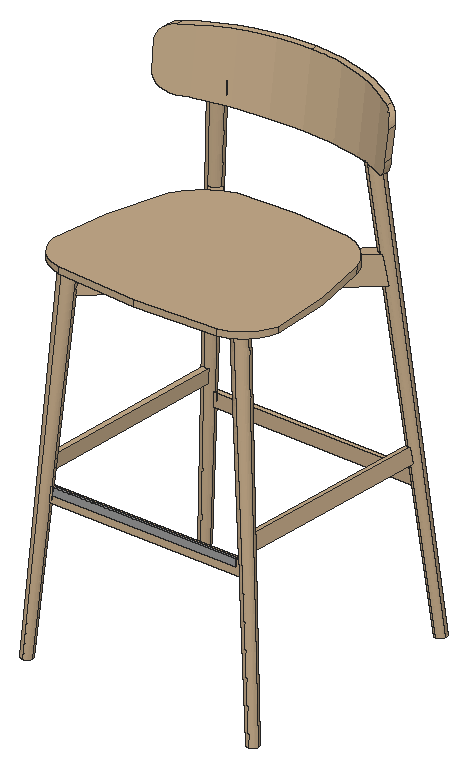
Revit family "FU_Stool_Sandler_Fly 4-2", category Furniture, Revit 2020
Family settings
  OmniClass Number = 23.40.20.00
  OmniClass Title = General Furniture and Specialties
  Work Plane-Based = No
  Always vertical = Yes
  Cut with Voids When Loaded = No
  Shared = No
  Room Calculation Point = No
Parameters (values of type "Fly 4.2")
  Width = 540 mm
  URL = "https://www.sandlerseating.com/product/fly-4-2/"
  Model = "Fly 4.2"
  Manufacturer = "Sandler"
  Height = 1080 mm
  Frame = Wood - Stain - Blonde
  Description = "Counter Stool with a solid beech back and seat on a solid beech frame, fitted with a stainless steel kick-plate on the front footrest."
  Depth = 535 mm
  Default Elevation = 0 mm
Reference planes
  plane 1 "Center (Front/Back)": y = 0
  plane 2: z = 0
  plane 3 "Center (Left/Right)": x = 0
  plane 4 "Right": x = -270
  plane 5 "Left": x = 270
  plane 6 "Back": y = 267.5
  plane 7 "Front": y = -267.5
  plane 8 "Height": z = 1080
  plane 9 "Seat height": z = 770
  plane 10 "FL Angle RIGHT": through (4267.2, -247.189, 3.106) normal (0, -0.9986, 0.0523)
  plane 11 "BL Angle RIGHT": through (4267.2, 253.813, 6.762) normal (0, -0.9968, -0.0796)
  plane 12 "RBL Anglr FRONT": through (-257.943, -1524, 6.867) normal (-0.996, 0, 0.0898)
  plane 13: through (188.37, -1524, 783.473) normal (0.9971, 0, 0.0759)
  plane 14 "cross Angle RIGHT": through (4267.2, -181.288, 717.026) normal (0, 0.0523, 0.9986)
Forms (mm)
  Sweep 1, solid, material "Wood - Stain - Blonde" <- "Frame"
    path origin (0, 0, 0) x (0, 1, 0) y (0, 0, 1)
      loop
        line (211.483, 893.134) -> (239.318, 1091.187)
    profile "Pro_Fly_back : Pro_Fly_back" origin (0, 225.4, 992.16) x (0, -0.990268, 0.139173) y (1, 0, 0)
      loop
        arc (114.642, 268.951) -> (-0.066, 0) -> (114.626, -268.958) r 372.681
        line (114.626, -268.958) -> (123.106, -260.478)
        arc (123.106, -260.478) -> (11.944, 0.039) -> (122.986, 260.608) r 361.047
        line (122.986, 260.608) -> (114.642, 268.951)
  Extrusion 2, void
    sketch origin (0, 0, 0) x (1, 0, 0) y (0, 0, 1)
      loop
        arc (0, 1075.598) -> (-115.054, 1076.734) -> (-230.061, 1080.196) r 5691.244
        arc (-230.061, 1080.196) -> (-248.857, 1073.596) -> (-258.008, 1055.902) r 26.995
        line (-258.008, 1055.902) -> (-255.802, 992.734)
        arc (-255.802, 992.734) -> (-246.214, 965.659) -> (-222.831, 948.98) r 47.759
        arc (-222.831, 948.98) -> (-112.201, 929.22) -> (0, 922.883) r 934.559
        arc (0, 922.883) -> (112.201, 929.22) -> (222.831, 948.98) r 934.559
        arc (222.831, 948.98) -> (246.214, 965.659) -> (255.802, 992.734) r 47.759
        line (255.802, 992.734) -> (258.008, 1055.902)
        arc (258.008, 1055.902) -> (248.857, 1073.596) -> (230.061, 1080.196) r 26.995
        arc (230.061, 1080.196) -> (115.054, 1076.734) -> (0, 1075.598) r 5691.244
      loop
        line (-290.391, 1143.375) -> (-290.391, 868.375) -> (294.609, 868.375) -> (294.609, 1143.375) -> (-290.391, 1143.375)
    from -267.5 to -69.622
  SweptBlend 3, solid, material "Wood - Stain - Blonde" <- "Frame"
    path origin (0, -246.675, 12.928) x (0, -0.052336, -0.99863) y (1, 0, 0)
      loop
        line (21.674, 248.655) -> (-776.014, 187.881)
    profile "Pro_Circles : 24mm" origin (248.655, -247.809, -8.717) x (-0.99711, -0.003976, -0.075863) y (0, -0.99863, 0.052336)
      loop
        arc (-11.967, 0.067) -> (-8.529, -8.434) -> (-0.067, -11.967) r 11.901
        arc (-0.067, -11.967) -> (8.482, -8.482) -> (11.967, 0.067) r 11.901
        arc (11.967, 0.067) -> (8.434, 8.529) -> (-0.067, 11.967) r 11.901
        arc (-0.067, 11.967) -> (-8.481, 8.481) -> (-11.967, 0.067) r 11.9
    end profile "Pro_Circles : 36mm" origin (187.881, -206.061, 787.878) x (-0.99711, -0.003976, -0.075863) y (0, -0.99863, 0.052336)
      loop
        arc (-17.967, 0.067) -> (-12.771, -12.677) -> (-0.066, -17.967) r 17.901
        arc (-0.066, -17.967) -> (12.725, -12.725) -> (17.967, 0.067) r 17.901
        arc (17.967, 0.067) -> (12.677, 12.771) -> (-0.067, 17.967) r 17.9
        arc (-0.067, 17.967) -> (-12.724, 12.724) -> (-17.967, 0.067) r 17.9
  SweptBlend 4, solid, material "Wood - Stain - Blonde" <- "Frame"
    path origin (0, 252.742, 20.172) x (0, 0.079561, -0.99683) y (1, 0, 0)
      loop
        line (29.008, -259.49) -> (-1016.727, -164.946)
    profile "Pro_Circles : 24mm" origin (-259.49, 255.05, -8.743) x (-0.995938, -0.007164, 0.089757) y (0, -0.99683, -0.079561)
      loop
        arc (-11.967, 0.067) -> (-8.529, -8.434) -> (-0.067, -11.967) r 11.901
        arc (-0.067, -11.967) -> (8.482, -8.482) -> (11.967, 0.067) r 11.901
        arc (11.967, 0.067) -> (8.434, 8.529) -> (-0.067, 11.967) r 11.901
        arc (-0.067, 11.967) -> (-8.481, 8.481) -> (-11.967, 0.067) r 11.9
    end profile "Pro_Circles : 36mm" origin (-164.946, 171.85, 1033.677) x (-0.995938, -0.007164, 0.089757) y (0, -0.99683, -0.079561)
      loop
        arc (-17.967, 0.067) -> (-12.771, -12.677) -> (-0.066, -17.967) r 17.901
        arc (-0.066, -17.967) -> (12.725, -12.725) -> (17.967, 0.067) r 17.901
        arc (17.967, 0.067) -> (12.677, 12.771) -> (-0.067, 17.967) r 17.9
        arc (-0.067, 17.967) -> (-12.724, 12.724) -> (-17.967, 0.067) r 17.9
  Sweep 5, void
    path origin (0, 0, 0) x (0, 1, 0) y (0, 0, 1)
      loop
        line (216.668, 929.556) -> (237.194, 1075.598)
    profile "Pro_Fly_back_void : Pro_Fly_back_void" origin (0, 226.931, 1002.577) x (0, -0.990267, 0.13918) y (1, 0, 0)
      loop
        line (60.774, -126.387) -> (32.441, -137.87)
        arc (32.441, -137.87) -> (46.411, -168.621) -> (63.108, -197.982) r 372.681
        line (63.108, -197.982) -> (92.912, -185.903)
        arc (92.912, -185.903) -> (78.429, -155.289) -> (60.774, -126.387) r 318.098
  SweptBlend 6, solid, material "Wood - Stain - Blonde" <- "Frame"
    path origin (0, -246.675, 12.928) x (0, -0.052336, -0.99863) y (-1, 0, 0)
      loop
        line (16.689, 248.275) -> (-776.014, 187.881)
    profile "Pro_Circles : 24mm" origin (-248.275, -247.548, -3.738) x (-0.99711, 0.003976, 0.075863) y (0, -0.99863, 0.052336)
      loop
        arc (11.967, 0.067) -> (8.481, 8.481) -> (0.067, 11.967) r 11.9
        arc (0.067, 11.967) -> (-8.434, 8.529) -> (-11.967, 0.067) r 11.901
        arc (-11.967, 0.067) -> (-8.482, -8.482) -> (0.067, -11.967) r 11.901
        arc (0.067, -11.967) -> (8.529, -8.434) -> (11.967, 0.067) r 11.901
    end profile "Pro_Circles : 36mm" origin (-187.881, -206.061, 787.878) x (-0.99711, 0.003976, 0.075863) y (0, -0.99863, 0.052336)
      loop
        arc (17.967, 0.067) -> (12.724, 12.724) -> (0.067, 17.967) r 17.9
        arc (0.067, 17.967) -> (-12.677, 12.771) -> (-17.967, 0.067) r 17.9
        arc (-17.967, 0.067) -> (-12.725, -12.725) -> (0.066, -17.967) r 17.901
        arc (0.066, -17.967) -> (12.771, -12.677) -> (17.967, 0.067) r 17.901
  SweptBlend 7, solid, material "Wood - Stain - Blonde" <- "Frame"
    path origin (0, 252.742, 20.172) x (0, 0.079561, -0.99683) y (-1, 0, 0)
      loop
        line (25.974, -259.216) -> (-1016.727, -164.946)
    profile "Pro_Circles : 24mm" origin (259.216, 254.809, -5.719) x (-0.995938, 0.007164, -0.089757) y (0, -0.99683, -0.079561)
      loop
        arc (11.967, 0.067) -> (8.481, 8.481) -> (0.067, 11.967) r 11.9
        arc (0.067, 11.967) -> (-8.434, 8.529) -> (-11.967, 0.067) r 11.901
        arc (-11.967, 0.067) -> (-8.482, -8.482) -> (0.067, -11.967) r 11.901
        arc (0.067, -11.967) -> (8.529, -8.434) -> (11.967, 0.067) r 11.901
    end profile "Pro_Circles : 36mm" origin (164.946, 171.85, 1033.677) x (-0.995938, 0.007164, -0.089757) y (0, -0.99683, -0.079561)
      loop
        arc (17.967, 0.067) -> (12.724, 12.724) -> (0.067, 17.967) r 17.9
        arc (0.067, 17.967) -> (-12.677, 12.771) -> (-17.967, 0.067) r 17.9
        arc (-17.967, 0.067) -> (-12.725, -12.725) -> (0.066, -17.967) r 17.901
        arc (0.066, -17.967) -> (12.771, -12.677) -> (17.967, 0.067) r 17.901
  Sweep 8, void
    path origin (0, 0, 0) x (0, 1, 0) y (0, 0, -1)
      loop
        line (216.689, -929.705) -> (237.226, -1075.821)
    profile "Pro_Fly_back_void : Pro_Fly_back_void" origin (0, 226.957, 1002.763) x (0, 0.990267, -0.13918) y (-1, 0, 0)
      loop
        arc (-60.774, -126.387) -> (-78.429, -155.289) -> (-92.912, -185.903) r 318.098
        line (-92.912, -185.903) -> (-63.108, -197.982)
        arc (-63.108, -197.982) -> (-46.411, -168.621) -> (-32.441, -137.87) r 372.681
        line (-32.441, -137.87) -> (-60.774, -126.387)
  Extrusion 9, solid, material "Wood - Stain - Blonde" <- "Frame"
    sketch origin (0, 0, 0) x (0, 1, 0) y (0, 0, 1)
      loop
        line (-267.5, 796.269) -> (-267.5, 783.229) -> (182.377, 759.652) -> (183.058, 772.656) -> (-267.5, 796.269)
    from -250 to 249.991
  Extrusion 10, void
    sketch origin (0, 0, 770) x (-1, 0, 0) y (0, -1, 0)
      loop
        arc (0, -178.748) -> (60.575, -176.673) -> (120.849, -170.298) r 852.253
        arc (120.849, -170.298) -> (173.465, -141.124) -> (206.238, -90.671) r 124.4
        arc (206.238, -90.671) -> (237.157, 40.73) -> (246.922, 175.366) r 851.531
        arc (246.922, 175.366) -> (223.067, 226.234) -> (173.988, 253.578) r 91.518
        arc (173.988, 253.578) -> (87.193, 262.298) -> (0, 264.916) r 1244.223
        arc (0, 264.916) -> (-87.193, 262.298) -> (-173.988, 253.578) r 1244.223
        arc (-173.988, 253.578) -> (-223.067, 226.234) -> (-246.922, 175.366) r 91.518
        arc (-246.922, 175.366) -> (-237.157, 40.73) -> (-206.238, -90.671) r 851.531
        arc (-206.238, -90.671) -> (-173.465, -141.124) -> (-120.849, -170.298) r 124.4
        arc (-120.849, -170.298) -> (-60.575, -176.673) -> (0, -178.748) r 852.253
      loop
        line (270, -204.479) -> (270, 280.303) -> (-270, 280.303) -> (-270, -204.479) -> (270, -204.479)
    from -20.025 to 37.068
  Extrusion 11, solid, material "Wood - Stain - Blonde" <- "Frame"
    sketch origin (0, 36.978, 705.587) x (0, -0.99863, 0.052336) y (1, 0, 0)
      loop
        line (-148.348, -202.724) -> (45.533, -15.495) -> (239.755, -203.053) -> (257.433, -185.375) -> (61.025, 0) -> (257.433, 185.375) -> (239.755, 203.053) -> (45.533, 15.495) -> (-148.348, 202.724) -> (-167.547, 183.525) -> (29.488, 0) -> (-167.547, -183.525) -> (-148.348, -202.724)
    from 0 to 61.601
  Extrusion 12, solid, material "Wood - Stain - Blonde" <- "Frame"
    sketch origin (0, 0, 0) x (0, 1, 0) y (0, 0, 1)
      loop
        line (-234.387, 343.413) -> (-236.032, 312.027) -> (-226.12, 311.507) -> (-224.476, 342.893) -> (-234.387, 343.413)
    from -222 to 222
  Extrusion 13, solid, material "Wood - Stain - Blonde" <- "Frame"
    sketch origin (0, 499.524, 14.094) x (0, 0.991908, 0.126955) y (0, -0.126955, 0.991908)
      loop
        line (-234.387, 343.413) -> (-236.032, 312.027) -> (-226.12, 311.507) -> (-224.476, 342.893) -> (-234.387, 343.413)
    from -222 to 222
  Extrusion 14, solid, material "Wood - Stain - Blonde" <- "Frame"
    sketch origin (47.084, 0, -23.555) x (0, 1, 0) y (-0.118313, 0, 0.992976)
      loop
        line (-229.696, 394.438) -> (-230.992, 361.961) -> (229.83, 343.558) -> (231.127, 376.034) -> (-229.696, 394.438)
    from 216 to 226
  Extrusion 15, solid, material "Wood - Stain - Blonde" <- "Frame"
    sketch origin (-47.084, 0, -23.555) x (0, 1, 0) y (-0.118313, 0, -0.992976)
      loop
        line (-229.696, -394.438) -> (231.127, -376.034) -> (229.83, -343.558) -> (-230.992, -361.961) -> (-229.696, -394.438)
    from 216 to 226
  Extrusion 16, void
    sketch origin (0, 0, 0) x (1, 0, 0) y (0, 1, 0)
      loop
        line (-270, -267.5) -> (-222, -267.5) -> (-222, -224.476) -> (-270, -224.476) -> (-270, -267.5)
    from 0 to -20
  Extrusion 17, void
    sketch origin (0, 0, 0) x (-1, 0, 0) y (0, -1, 0)
      loop
        line (-270, 267.5) -> (-270, 224.476) -> (-222, 224.476) -> (-222, 267.5) -> (-270, 267.5)
    from 0 to -20
  Extrusion 18, void
    sketch origin (0, 0, 0) x (1, 0, 0) y (0, 1, 0)
      loop
        line (-279.763, 276.51) -> (-279.763, 231.51) -> (-234.763, 231.51) -> (-234.763, 276.51) -> (-279.763, 276.51)
    from 0 to -20
  Extrusion 19, void
    sketch origin (0, 0, 0) x (-1, 0, 0) y (0, -1, 0)
      loop
        line (-279.763, -276.51) -> (-234.763, -276.51) -> (-234.763, -231.51) -> (-279.763, -231.51) -> (-279.763, -276.51)
    from 0 to -20
  Extrusion 20, solid, material "Stainless Steel AISI 304"
    sketch origin (0, 0, 0) x (0, 1, 0) y (0, 0, 1)
      loop
        line (-234.7, 343.725) -> (-235.537, 327.747) -> (-234.491, 327.747) -> (-233.706, 342.727) -> (-229.797, 342.522) -> (-229.797, 343.468) -> (-234.7, 343.725)
    from -200 to 200
Cuts and joins
  Extrusion 2 cuts Sweep 1
  Sweep 5, Extrusion 18 cuts SweptBlend 4
  Sweep 8, Extrusion 19 cuts SweptBlend 7
  Extrusion 10 cuts Extrusion 9
  Extrusion 16, Extrusion 17 cuts SweptBlend 6
  Extrusion 17 cuts SweptBlend 3
Dimensions and locks
  equal spacing: plane 4 "Right", plane 3 "Center (Left/Right)", plane 5 "Left"
  "Width": plane 4 "Right" to plane 5 "Left"
  equal spacing: plane 6 "Back", plane 1 "Center (Front/Back)", plane 7 "Front"
  "Depth": plane 6 "Back" to plane 7 "Front"
  "Height": plane 8 "Height" to level
  plane 9 "Seat height" to level = 770 mm
  aligned and locked: level to plane 2
Automatic sketch dimensions
  Sweep 1 sketch curve to plane 6 "Back" = 56.017 mm
  plane 9 "Seat height" to Sweep 1 sketch curve = 123.134 mm
  plane 8 "Height" to Sweep 1 sketch curve = 11.187 mm
  Sweep 1 sketch curve to plane 6 "Back" = 28.182 mm
  Extrusion 2 sketch curve to plane 3 "Center (Left/Right)" = 0 mm  (x2)
  Extrusion 2 sketch curve to plane 3 "Center (Left/Right)" = 1.33 mm
  Extrusion 2 sketch curve to plane 3 "Center (Left/Right)" = 3.495 mm
  Extrusion 2 sketch curve to plane 4 "Right" = 61.927 mm
  Extrusion 2 sketch curve to plane 4 "Right" = 38.854 mm
  Extrusion 2 sketch curve to plane 4 "Right" = 14.198 mm
  Extrusion 2 sketch curve to plane 4 "Right" = 11.992 mm
  plane 4 "Right" to Extrusion 2 sketch curve = 20.391 mm
  plane 3 "Center (Left/Right)" to Extrusion 2 sketch curve = 1.33 mm
  plane 3 "Center (Left/Right)" to Extrusion 2 sketch curve = 3.495 mm
  plane 5 "Left" to Extrusion 2 sketch curve = 61.927 mm
  plane 5 "Left" to Extrusion 2 sketch curve = 38.854 mm
  plane 5 "Left" to Extrusion 2 sketch curve = 14.198 mm
  plane 5 "Left" to Extrusion 2 sketch curve = 11.992 mm
  Extrusion 2 sketch curve to plane 5 "Left" = 24.609 mm
  plane 9 "Seat height" to Extrusion 2 sketch curve = 98.375 mm
  Extrusion 2 sketch curve to plane 8 "Height" = 87.266 mm  (x2)
  Extrusion 2 sketch curve to Extrusion 2 sketch curve = 1.667 mm  (x2)
  Extrusion 2 sketch curve to plane 8 "Height" = 26.777 mm  (x2)
  Extrusion 2 sketch curve to plane 8 "Height" = 24.098 mm  (x2)
  plane 8 "Height" to Extrusion 2 sketch curve = 63.375 mm
  Extrusion 2 sketch curve to Extrusion 2 sketch curve = 714.061 mm
  Extrusion 2 sketch curve to Extrusion 2 sketch curve = 0 mm  (x3)
  Extrusion 2 sketch curve to Extrusion 2 sketch curve = 4909.406 mm
  Extrusion 2 sketch curve to plane 4 "Right" = 47.169 mm
  plane 14 "cross Angle RIGHT" to SweptBlend 3 sketch curve = 69.458 mm
  plane 5 "Left" to SweptBlend 3 sketch curve = 82.119 mm
  plane 5 "Left" to SweptBlend 3 sketch curve = 21.345 mm
  SweptBlend 3 sketch curve to plane 14 "cross Angle RIGHT" = 728.23 mm
  SweptBlend 4 sketch curve to plane 4 "Right" = 105.054 mm
  SweptBlend 4 sketch curve to plane 4 "Right" = 10.51 mm
  SweptBlend 4 sketch curve to SweptBlend 4 sketch curve = 1045.735 mm
  Sweep 5 sketch curve to plane 6 "Back" = 50.832 mm
  Sweep 5 sketch curve to plane 8 "Height" = 150.444 mm
  Sweep 5 sketch curve to plane 8 "Height" = 4.402 mm
  Sweep 5 sketch curve to plane 6 "Back" = 30.306 mm
  SweptBlend 6 sketch curve to plane 14 "cross Angle RIGHT" = 69.458 mm
  plane 4 "Right" to SweptBlend 6 sketch curve = 82.119 mm
  plane 4 "Right" to SweptBlend 6 sketch curve = 21.725 mm
  plane 14 "cross Angle RIGHT" to SweptBlend 6 sketch curve = 723.244 mm
  SweptBlend 7 sketch curve to plane 5 "Left" = 105.054 mm
  SweptBlend 7 sketch curve to plane 5 "Left" = 10.784 mm
  SweptBlend 7 sketch curve to SweptBlend 7 sketch curve = 1042.701 mm
  Sweep 8 sketch curve to plane 6 "Back" = 50.811 mm
  Sweep 8 sketch curve to plane 8 "Height" = 4.179 mm
  Sweep 8 sketch curve to plane 6 "Back" = 30.274 mm
  Sweep 8 sketch curve to Sweep 8 sketch curve = 146.116 mm
  Extrusion 9 sketch curve to plane 7 "Front" = 0 mm
  Extrusion 9 sketch curve to plane 9 "Seat height" = 10.348 mm
  Extrusion 9 sketch curve to plane 6 "Back" = 85.123 mm
  plane 9 "Seat height" to Extrusion 9 sketch curve = 2.656 mm
  Extrusion 9 sketch curve to Extrusion 9 sketch curve = 0.681 mm
  Extrusion 10 sketch curve to plane 5 "Left" = 0 mm
  Extrusion 10 sketch curve to plane 3 "Center (Left/Right)" = 0 mm  (x2)
  Extrusion 10 sketch curve to plane 4 "Right" = 0 mm
  plane 7 "Front" to Extrusion 10 sketch curve = 98.046 mm  (x2)
  Extrusion 10 sketch curve to plane 5 "Left" = 334.589 mm
  plane 5 "Left" to Extrusion 10 sketch curve = 113.865 mm
  Extrusion 10 sketch curve to plane 1 "Center (Front/Back)" = 50.144 mm  (x2)
  plane 3 "Center (Left/Right)" to Extrusion 10 sketch curve = 88.624 mm
  plane 3 "Center (Left/Right)" to Extrusion 10 sketch curve = 6.286 mm
  plane 3 "Center (Left/Right)" to Extrusion 10 sketch curve = 1.125 mm
  Extrusion 10 sketch curve to plane 3 "Center (Left/Right)" = 1.125 mm
  Extrusion 10 sketch curve to plane 3 "Center (Left/Right)" = 6.286 mm
  Extrusion 10 sketch curve to plane 3 "Center (Left/Right)" = 88.624 mm
  Extrusion 10 sketch curve to plane 4 "Right" = 113.865 mm
  plane 4 "Right" to Extrusion 10 sketch curve = 334.589 mm
  Extrusion 10 sketch curve to plane 6 "Back" = 63.021 mm
  plane 6 "Back" to Extrusion 10 sketch curve = 711.791 mm
  Extrusion 10 sketch curve to Extrusion 10 sketch curve = 0 mm  (x2)
  plane 7 "Front" to Extrusion 10 sketch curve = 103.681 mm
  plane 1 "Center (Front/Back)" to Extrusion 10 sketch curve = 163.819 mm
  Extrusion 10 sketch curve to plane 7 "Front" = 12.803 mm
  Extrusion 10 sketch curve to plane 7 "Front" = 406.003 mm
  plane 5 "Left" to Extrusion 10 sketch curve = 23.078 mm
  plane 5 "Left" to Extrusion 10 sketch curve = 63.762 mm
  plane 7 "Front" to Extrusion 10 sketch curve = 13.922 mm  (x2)
  Extrusion 10 sketch curve to Extrusion 10 sketch curve = 17.853 mm
  Extrusion 10 sketch curve to plane 6 "Back" = 97.202 mm  (x2)
  Extrusion 10 sketch curve to plane 4 "Right" = 63.762 mm
  Extrusion 11 sketch curve to plane 3 "Center (Left/Right)" = 0 mm  (x2)
  plane 5 "Left" to Extrusion 11 sketch curve = 86.475 mm
  Extrusion 11 sketch curve to plane 10 "FL Angle RIGHT" = 414.56 mm
  Extrusion 11 sketch curve to plane 4 "Right" = 86.475 mm
  Extrusion 11 sketch curve to Extrusion 11 sketch curve = 0 mm
  Extrusion 11 sketch curve to plane 4 "Right" = 67.276 mm
  Extrusion 11 sketch curve to Extrusion 11 sketch curve = 19.199 mm  (x2)
  plane 5 "Left" to Extrusion 11 sketch curve = 67.276 mm
  Extrusion 11 sketch curve to plane 10 "FL Angle RIGHT" = 217.525 mm
  Extrusion 11 sketch curve to plane 3 "Center (Left/Right)" = 15.495 mm
  Extrusion 11 sketch curve to Extrusion 11 sketch curve = 16.046 mm  (x2)
  plane 3 "Center (Left/Right)" to Extrusion 11 sketch curve = 15.495 mm
  Extrusion 11 sketch curve to Extrusion 11 sketch curve = 15.491 mm
  Extrusion 11 sketch curve to plane 10 "FL Angle RIGHT" = 7.258 mm  (x2)
  plane 10 "FL Angle RIGHT" to Extrusion 11 sketch curve = 10.42 mm  (x2)
  Extrusion 11 sketch curve to plane 4 "Right" = 66.947 mm
  Extrusion 11 sketch curve to Extrusion 11 sketch curve = 17.678 mm  (x2)
  plane 5 "Left" to Extrusion 11 sketch curve = 84.625 mm
  plane 7 "Front" to Extrusion 12 sketch curve = 31.468 mm
  Extrusion 12 sketch curve to Extrusion 12 sketch curve = 1.645 mm
  Extrusion 12 sketch curve to Extrusion 12 sketch curve = 9.912 mm
  level to Extrusion 12 sketch curve = 311.507 mm
  Extrusion 12 sketch curve to Extrusion 12 sketch curve = 0.519 mm
  plane 11 "BL Angle RIGHT" to Extrusion 13 sketch curve = 5.112 mm
  Extrusion 13 sketch curve to plane 6 "Back" = 41.712 mm
  Extrusion 13 sketch curve to Extrusion 13 sketch curve = 1.645 mm
  Extrusion 13 sketch curve to Extrusion 13 sketch curve = 9.912 mm
  Extrusion 13 sketch curve to Extrusion 13 sketch curve = 0.519 mm
  plane 7 "Front" to Extrusion 14 sketch curve = 36.508 mm
  Extrusion 14 sketch curve to Extrusion 14 sketch curve = 1.297 mm
  Extrusion 14 sketch curve to plane 6 "Back" = 37.67 mm
  Extrusion 14 sketch curve to Extrusion 14 sketch curve = 18.403 mm
  plane 7 "Front" to Extrusion 15 sketch curve = 36.508 mm
  Extrusion 15 sketch curve to Extrusion 15 sketch curve = 1.297 mm
  Extrusion 15 sketch curve to plane 6 "Back" = 37.67 mm
  Extrusion 15 sketch curve to Extrusion 15 sketch curve = 18.403 mm
  Extrusion 16 sketch curve to plane 4 "Right" = 0 mm
  Extrusion 16 sketch curve to plane 7 "Front" = 0 mm
  Extrusion 16 sketch curve to plane 4 "Right" = 48 mm
  plane 7 "Front" to Extrusion 16 sketch curve = 43.024 mm
  Extrusion 17 sketch curve to plane 5 "Left" = 0 mm
  Extrusion 17 sketch curve to plane 7 "Front" = 0 mm
  Extrusion 17 sketch curve to plane 5 "Left" = 48 mm
  Extrusion 17 sketch curve to Extrusion 17 sketch curve = 43.024 mm
  plane 4 "Right" to Extrusion 18 sketch curve = 9.763 mm
  Extrusion 18 sketch curve to plane 4 "Right" = 35.237 mm
  Extrusion 18 sketch curve to plane 6 "Back" = 35.99 mm
  plane 6 "Back" to Extrusion 18 sketch curve = 9.01 mm
  plane 5 "Left" to Extrusion 19 sketch curve = 9.763 mm
  Extrusion 19 sketch curve to plane 5 "Left" = 35.237 mm
  plane 6 "Back" to Extrusion 19 sketch curve = 35.99 mm
  Extrusion 19 sketch curve to plane 6 "Back" = 9.01 mm
  plane 7 "Front" to Extrusion 20 sketch curve = 31.963 mm
  Extrusion 20 sketch curve to Extrusion 20 sketch curve = 0.837 mm
  Extrusion 20 sketch curve to Extrusion 20 sketch curve = 1.047 mm
  Extrusion 20 sketch curve to Extrusion 20 sketch curve = 0.994 mm
  level to Extrusion 20 sketch curve = 327.747 mm
  Extrusion 20 sketch curve to Extrusion 20 sketch curve = 14.979 mm
  Extrusion 20 sketch curve to Extrusion 20 sketch curve = 0.999 mm
  Extrusion 20 sketch curve to Extrusion 20 sketch curve = 3.909 mm
